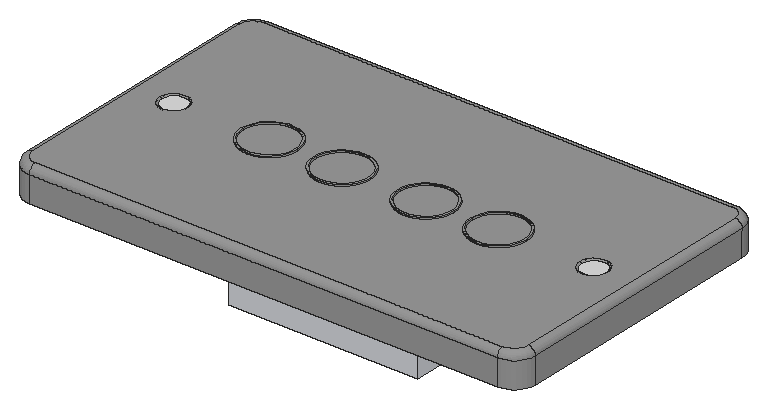
Revit family "ElectricalFixture_WiringAccessories_Hager_Sollyster_SwitchDimmers", category Lighting Fixtures, host Face, Revit 2015
Parameters (values of type "WMDS4")
  Warranty ID = ""
  Voltage (Volts) = "230V/240V"
  Unique Reference = "WMDS4"
  Type = "ElectricalFixture"
  Technical Description = Description  # "4GangDimmer250W"
  Switch = no
  Supply Phase = "1"
  Size = ""
  Shipping Weight kg = "0.188"
  Shape = "Rectangular"
  Reference Standard = "BS 1363-2"
  Product URL = "http://www.hager.co.uk/product-catalogue/wiring-accessories/sollysta/white-moulded/white-moulded-sockets/58428.htm"
  Product Range = "Sollysta"
  Product Model Number = "WMDS4"
  Product Literature = "http://www.hager.co.uk/product-catalogue/wiring-accessories/sollysta/38662.htm"
  Product Group = "WiringAccessories"
  Product Family = "WhiteMouldedDimmers_SwitchDimmers"
  Packaging Recyclable = yes
  Overall Width = 0.0 mm
  Overall Length = 146.0 mm
  Overall Height = 86.0 mm
  Overall Depth = 26.07 mm
  Operation and Maintenance Manual = ""
  Name = "WhiteMouldedDimmers_WMDS4"
  Measurement Units = "mm"
  Material = Urea Formaldehyde Thermoset Plastic
  Manufacturer Website = "http://www.hager.co.uk/"
  Manufacturer Country = "United Kingdom"
  Manufacturer = "Hager"
  LED Indicator Switch = no
  Gross Weight kg = "0.165"
  Frequency = "50/60Hz"
  Finish = "Gloss"
  Features = Description  # "4GangDimmer250W"
  Extrusion From Wall = 11.921 mm
  Expected Life = "25 years"
  EAN Code = "5015654792985"
  Design Country = "China"
  Description = "4GangDimmer250W"
  Default Elevation = 1219.2 mm
  Colour = "SollystaWhite"
  CE Approval = yes
  4 Gang = yes
  3 Gang = no
  2 Gang = yes
  1 Gang = no
Types (4, lengths in mm): name | Unique Reference | Technical Description | Product Model Number | Overall Length | Name | Features | EAN Code | Description | 4 Gang | 3 Gang | 2 Gang | 1 Gang
  WMDS1 | "WMDS1" | "1GangDimmer400W" | "WMDS1" | 86.0 | "WhiteMouldedDimmers_WMDS1" | "1GangDimmer400W" | "5015654792961" | "1GangDimmer400W" | no | no | no | yes
  WMDS2 | "WMDS2" | "2GangDimmer250W" | "WMDS2" | 86.0 | "WhiteMouldedDimmers_WMDS2" | "2GangDimmer250W" | "5015654792954" | "2GangDimmer250W" | no | no | yes | no
  WMDS3 | "WMDS3" | "3GangDimmer250W" | "WMDS3" | 146.0 | "WhiteMouldedDimmers_WMDS3" | "3GangDimmer250W" | "5015654792978" | "3GangDimmer250W" | no | yes | no | yes
  WMDS4 | "WMDS4" | "4GangDimmer250W" | "WMDS4" | 146.0 | "WhiteMouldedDimmers_WMDS4" | "4GangDimmer250W" | "5015654792985" | "4GangDimmer250W" | yes | no | yes | no
Reference planes
  plane 1 "Center (Front/Back)": y = 0
  plane 2: z = 0
  plane 3 "Center (Left/Right)": x = 434
  plane 4: y = -43
  plane 5: y = 43
  plane 6: x = -137
  plane 7: x = 9
  plane 8: z = 9.47
  plane 9: z = -16.6
  plane 10: z = 11.921
  plane 11: y = -471.393
  plane 12: z = -20.53
  plane 13: x = -124.15
  plane 14: x = -3.85
  plane 15: x = -64
  plane 16: x = -100.5
  plane 17: x = -27.5
Forms (mm)
  Extrusion 1, solid, material "Urea Formaldehyde Thermoset Plastic", detail levels fine
    sketch origin (0, 0, 0) x (1, 0, 0) y (0, 1, 0)
      loop
        arc (-137, -37.005) -> (-135.244, -41.244) -> (-131.005, -43) r 5.995
        line (-131.005, -43) -> (2.983, -43)
        arc (2.983, -43) -> (7.238, -41.238) -> (9, -36.983) r 6.017
        line (9, -36.983) -> (9, 37.035)
        arc (9, 37.035) -> (7.253, 41.253) -> (3.035, 43) r 5.965
        line (3.035, 43) -> (-131.018, 43)
        arc (-131.018, 43) -> (-135.248, 41.248) -> (-137, 37.018) r 5.982
        line (-137, 37.018) -> (-137, -37.005)
      loop
        circle (-124.15, 0) r 3.228
      loop
        circle (-3.85, 0) r 3.228
    from 0 to 9.47
  Sweep 2, void
    path origin (0, 0, 0) x (1, 0, 0) y (0, 1, 0)
      loop
        line (-137, 37.018) -> (-137, -37.005)
        arc (-137, -37.005) -> (-135.244, -41.244) -> (-131.005, -43) r 5.995
        line (-131.005, -43) -> (2.983, -43)
        arc (2.983, -43) -> (7.238, -41.238) -> (9, -36.983) r 6.017
        line (9, -36.983) -> (9, 37.035)
        arc (9, 37.035) -> (7.253, 41.253) -> (3.035, 43) r 5.965
        line (3.035, 43) -> (-131.018, 43)
        arc (-131.018, 43) -> (-135.248, 41.248) -> (-137, 37.018) r 5.982
    profile origin (-137, 0.007, 0) x (1, 0, 0) y (0, 0, 1)
      loop
        line (0, 9.47) -> (0, 7.462)
        arc (0, 7.462) -> (0.588, 8.882) -> (2.008, 9.47) r 2.008
        line (2.008, 9.47) -> (0, 9.47)
  Sweep 3, void
    path origin (0, 0, 0) x (1, 0, 0) y (0, 1, 0)
      loop
        circle (-3.85, 0) r 3.228
    profile origin (-3.85, 3.228, 0) x (0, -1, 0) y (0, 0, 1)
      loop
        line (0, 9.47) -> (-0.814, 9.47)
        arc (-0.814, 9.47) -> (-0.347, 9.123) -> (0, 8.656) r 2
        line (0, 8.656) -> (0, 9.47)
  Sweep 4, void
    path origin (0, 0, 0) x (1, 0, 0) y (0, 1, 0)
      loop
        circle (-124.15, 0) r 3.228
    profile origin (-124.15, 3.228, 0) x (0, 1, 0) y (0, 0, 1)
      loop
        line (0, 9.47) -> (0, 8.656)
        arc (0, 8.656) -> (0.346, 9.124) -> (0.814, 9.47) r 1.964
        line (0.814, 9.47) -> (0, 9.47)
  Extrusion 5, solid, material "Steel, Chrome Plated", detail levels fine
    sketch origin (0, 0, 0) x (1, 0, 0) y (0, 1, 0)
      loop
        circle (-124.15, 0) r 3.542
    from -1.167 to 9.196
  Extrusion 6, solid, material "Steel, Chrome Plated", detail levels fine
    sketch origin (0, 0, 0) x (-1, 0, 0) y (0, -1, 0)
      loop
        circle (3.85, 0) r 3.542
    from -1.167 to 9.196
  Extrusion 7, solid, material "Urea Formaldehyde Thermoset Plastic", detail levels medium
    sketch origin (0, 0, 0) x (1, 0, 0) y (0, 1, 0)
      loop
        line (-137, 43) -> (-137, -43) -> (9, -43) -> (9, 43) -> (-137, 43)
    from 0 to 9.47
  Extrusion 8, solid, material "Urea Formaldehyde Thermoset Plastic", detail levels medium
    sketch origin (0, 0, 0) x (1, 0, 0) y (0, 1, 0)
      loop
        line (-137, -43) -> (9, -43) -> (9, 43) -> (-137, 43) -> (-137, -43)
    from 0 to 9.47
  Extrusion 9, solid, material "Urea Formaldehyde Thermoset Plastic", visible <- "1 Gang", detail levels fine
    sketch origin (0, 0, 0) x (1, 0, 0) y (0, 1, 0)
      loop
        circle (-64, 0) r 8
      loop
        circle (-64, 0) r 7.5
    from 8.656 to 9.7
  Extrusion 10, solid, material "Urea Formaldehyde Thermoset Plastic", visible <- "2 Gang", detail levels fine
    sketch origin (-12, 0, 0) x (1, 0, 0) y (0, 1, 0)
      loop
        circle (-64, 0) r 8
      loop
        circle (-64, 0) r 7.5
    from 8.656 to 9.7
  Extrusion 11, solid, material "Urea Formaldehyde Thermoset Plastic", visible <- "2 Gang", detail levels fine
    sketch origin (12, 0, 0) x (1, 0, 0) y (0, 1, 0)
      loop
        circle (-64, 0) r 8
      loop
        circle (-64, 0) r 7.5
    from 8.656 to 9.7
  Extrusion 12, solid, material "Urea Formaldehyde Thermoset Plastic", visible <- "3 Gang", detail levels fine
    sketch origin (-36.034, 0, 0) x (1, 0, 0) y (0, 1, 0)
      loop
        circle (-64.466, 0) r 8
      loop
        circle (-64.466, 0) r 7.5
    from 8.656 to 9.7
  Extrusion 13, solid, material "Urea Formaldehyde Thermoset Plastic", visible <- "3 Gang", detail levels fine
    sketch origin (39.65, 0, 0) x (1, 0, 0) y (0, 1, 0)
      loop
        circle (-67.15, 0) r 8
      loop
        circle (-67.15, 0) r 7.5
    from 8.656 to 9.7
  Extrusion 14, solid, material "Urea Formaldehyde Thermoset Plastic", visible <- "4 Gang", detail levels fine
    sketch origin (36, 0, 0) x (1, 0, 0) y (0, 1, 0)
      loop
        circle (-67.15, 0) r 8
      loop
        circle (-67.15, 0) r 7.5
    from 8.656 to 9.7
  Extrusion 15, solid, material "Urea Formaldehyde Thermoset Plastic", visible <- "4 Gang", detail levels fine
    sketch origin (-160.384, 0, 0) x (-1, 0, 0) y (0, -1, 0)
      loop
        circle (-63.534, 0) r 8
      loop
        circle (-63.534, 0) r 7.5
    from 8.656 to 9.7
  Extrusion 16, solid
    sketch origin (0, 0, 0) x (1, 0, 0) y (0, 1, 0)
      loop
        line (-90.115, 22.025) -> (-90.115, -22.975) -> (-36, -22.975) -> (-36, 22.025) -> (-90.115, 22.025)
    from -20.53 to 0
Cuts and joins
  Sweep 2, Sweep 3, Sweep 4 cuts Extrusion 1
Lines and regions (mm)
  symbolic lines, not visible, detail levels coarse
    curve 1: line (73.42, -504.912, 19.451) -> (3.42, -504.912, 19.451)
    curve 2: arc (73.42, -504.912, 19.451) -> (38.42, -504.912, 54.451) -> (3.42, -504.912, 19.451) r 35
    curve 3: circle (38.42, -504.912, 54.451) r 6 normal (0, 1, 0)
    curve 4: line (38.42, -504.912, 54.451) -> (38.42, -504.912, 99.451)
    curve 5: line (38.42, -504.912, 99.451) -> (68.42, -504.912, 99.451)
    curve 6: line (38.42, -504.912, 54.451) -> (10.78, -504.912, 87.391)
    curve 7: line (10.78, -504.912, 87.391) -> (-3.315, -504.912, 75.564)
    curve 8: line (0.509, -504.912, 19.451) -> (-69.491, -504.912, 19.451)
    curve 9: arc (0.509, -504.912, 19.451) -> (-34.491, -504.912, 54.451) -> (-69.491, -504.912, 19.451) r 35
    curve 10: circle (-34.491, -504.912, 54.451) r 6 normal (0, 1, 0)
    curve 11: line (-34.491, -504.912, 54.451) -> (-34.491, -504.912, 99.451)
    curve 12: line (-34.491, -504.912, 99.451) -> (-4.491, -504.912, 99.451)
    curve 13: line (-34.491, -504.912, 54.451) -> (-62.13, -504.912, 87.391)
    curve 14: line (-62.13, -504.912, 87.391) -> (-76.226, -504.912, 75.564)
  model lines, detail levels coarse
    curve 15: line (-137, 43, 0) -> (9, 43, 0)
    curve 16: line (-137, -43, 0) -> (-137, 43, 0)
    curve 17: line (9, -43, 0) -> (-137, -43, 0)
    curve 18: line (9, 43, 0) -> (9, -43, 0)
    curve 19: arc (-120.108, 0, 0) -> (-124.15, -4.042, 0) -> (-128.192, 0, 0) r 4.042
    curve 20: arc (-128.192, 0, 0) -> (-124.15, 4.042, 0) -> (-120.108, 0, 0) r 4.042
    curve 21: arc (0.192, 0, 0) -> (-3.85, -4.042, 0) -> (-7.892, 0, 0) r 4.042
    curve 22: arc (-7.892, 0, 0) -> (-3.85, 4.042, 0) -> (0.192, 0, 0) r 4.042
  model lines, visible <- "3 Gang"
    curve 23: arc (-92.5, 0, 0) -> (-100.5, 8, 0) -> (-108.5, 0, 0) r 8
    curve 24: arc (-108, 0, 0) -> (-100.5, 7.5, 0) -> (-93, 0, 0) r 7.5
    curve 25: arc (-108.5, 0, 0) -> (-100.5, -8, 0) -> (-92.5, 0, 0) r 8
    curve 26: arc (-93, 0, 0) -> (-100.5, -7.5, 0) -> (-108, 0, 0) r 7.5
    curve 47: arc (-35.5, 0, 0) -> (-27.5, -8, 0) -> (-19.5, 0, 0) r 8
    curve 48: arc (-20, 0, 0) -> (-27.5, -7.5, 0) -> (-35, 0, 0) r 7.5
    curve 49: arc (-35, 0, 0) -> (-27.5, 7.5, 0) -> (-20, 0, 0) r 7.5
    curve 50: arc (-19.5, 0, 0) -> (-27.5, 8, 0) -> (-35.5, 0, 0) r 8
  model lines, visible <- "4 Gang"
    curve 27: arc (-104.85, 0, 0) -> (-96.85, -8, 0) -> (-88.85, 0, 0) r 8
    curve 28: arc (-89.35, 0, 0) -> (-96.85, -7.5, 0) -> (-104.35, 0, 0) r 7.5
    curve 29: arc (-104.35, 0, 0) -> (-96.85, 7.5, 0) -> (-89.35, 0, 0) r 7.5
    curve 30: arc (-88.85, 0, 0) -> (-96.85, 8, 0) -> (-104.85, 0, 0) r 8
    curve 43: arc (-38.65, 0, 0) -> (-31.15, 7.5, 0) -> (-23.65, 0, 0) r 7.5
    curve 44: arc (-23.15, 0, 0) -> (-31.15, 8, 0) -> (-39.15, 0, 0) r 8
    curve 45: arc (-39.15, 0, 0) -> (-31.15, -8, 0) -> (-23.15, 0, 0) r 8
    curve 46: arc (-23.65, 0, 0) -> (-31.15, -7.5, 0) -> (-38.65, 0, 0) r 7.5
  model lines, visible <- "2 Gang"
    curve 31: arc (-83.5, 0, 0) -> (-76, 7.5, 0) -> (-68.5, 0, 0) r 7.5
    curve 32: arc (-68, 0, 0) -> (-76, 8, 0) -> (-84, 0, 0) r 8
    curve 33: arc (-84, 0, 0) -> (-76, -8, 0) -> (-68, 0, 0) r 8
    curve 34: arc (-68.5, 0, 0) -> (-76, -7.5, 0) -> (-83.5, 0, 0) r 7.5
    curve 39: arc (-60, 0, 0) -> (-52, -8, 0) -> (-44, 0, 0) r 8
    curve 40: arc (-44.5, 0, 0) -> (-52, -7.5, 0) -> (-59.5, 0, 0) r 7.5
    curve 41: arc (-59.5, 0, 0) -> (-52, 7.5, 0) -> (-44.5, 0, 0) r 7.5
    curve 42: arc (-44, 0, 0) -> (-52, 8, 0) -> (-60, 0, 0) r 8
  model lines, visible <- "1 Gang"
    curve 35: arc (-72, 0, 0) -> (-64, -8, 0) -> (-56, 0, 0) r 8
    curve 36: arc (-56.5, 0, 0) -> (-64, -7.5, 0) -> (-71.5, 0, 0) r 7.5
    curve 37: arc (-71.5, 0, 0) -> (-64, 7.5, 0) -> (-56.5, 0, 0) r 7.5
    curve 38: arc (-56, 0, 0) -> (-64, 8, 0) -> (-72, 0, 0) r 8
  symbolic lines
    curve 51: circle (-73.006, -504.912, 51.879) r 16.513 normal (0, -1, 0)
    curve 52: line (-124.15, -504.912, 11.921) -> (-29.589, -504.912, 85.8)
    curve 53: line (-3.85, -504.912, 105.909) -> (-36.908, -504.912, 95.168)
    curve 54: line (-3.85, -504.912, 105.909) -> (-22.27, -504.912, 76.432)
    curve 55: line (-22.27, -504.912, 76.432) -> (-36.908, -504.912, 95.168)
Dimensions and locks
  plane 10 to plane 9 = 28.521 mm
  plane 8 to plane 9 = 26.07 mm
  plane 2 to plane 9 = 16.6 mm
  "Overall Length": plane 6 to plane 7
  "Overall Height": plane 4 to plane 5
  "Overall Depth": plane 9 to plane 8
  plane 2 to plane 10 = 11.921 mm
  plane 8 to plane 12 = 30.0 mm
  locked: plane 6 to plane 13 at 12.85
  locked: plane 14 to plane 7 at 12.85
  equal spacing: plane 6, plane 16, plane 15, plane 17, plane 7
  aligned and locked: plane 2 to host face
  aligned and locked: level to host face
  aligned and locked: Extrusion 1 to plane 8
  aligned and locked: Extrusion 7 to plane 8
  aligned and locked: Extrusion 8 to plane 8
  aligned and locked: Extrusion 8 to level
  aligned and locked: curve 23 to Extrusion 12
  aligned and locked: curve 24 to Extrusion 12
  aligned and locked: curve 25 to Extrusion 12
  aligned and locked: curve 26 to Extrusion 12
  aligned and locked: curve 27 to Extrusion 15
  aligned and locked: curve 28 to Extrusion 15
  aligned and locked: curve 29 to Extrusion 15
  aligned and locked: curve 30 to Extrusion 15
  aligned and locked: curve 31 to Extrusion 10
  aligned and locked: curve 32 to Extrusion 10
  aligned and locked: curve 33 to Extrusion 10
  aligned and locked: curve 34 to Extrusion 10
  aligned and locked: curve 35 to Extrusion 9
  aligned and locked: curve 36 to Extrusion 9
  aligned and locked: curve 37 to Extrusion 9
  aligned and locked: curve 38 to Extrusion 9
  aligned and locked: curve 39 to Extrusion 11
  aligned and locked: curve 40 to Extrusion 11
  aligned and locked: curve 41 to Extrusion 11
  aligned and locked: curve 42 to Extrusion 11
  aligned and locked: curve 43 to Extrusion 14
  aligned and locked: curve 44 to Extrusion 14
  aligned and locked: curve 45 to Extrusion 14
  aligned and locked: curve 46 to Extrusion 14
  aligned and locked: curve 47 to Extrusion 13
  aligned and locked: curve 48 to Extrusion 13
  aligned and locked: curve 49 to Extrusion 13
  aligned and locked: curve 50 to Extrusion 13
  aligned and locked: plane 12 to Extrusion 16
  aligned and locked: level to Extrusion 16
Automatic sketch dimensions
  host sketch curve to host sketch curve = 2438.4 mm  (x2)
  Extrusion 1 sketch curve to plane 6 = 0.0 mm
  plane 5 to Extrusion 1 sketch curve = 0.0 mm
  plane 4 to Extrusion 1 sketch curve = 0.0 mm
  plane 1 "Center (Front/Back)" to Extrusion 1 sketch curve = 0.0 mm  (x2)
  Extrusion 1 sketch curve to plane 13 = 0.0 mm
  Extrusion 1 sketch curve to plane 14 = 0.0 mm
  plane 6 to Extrusion 1 sketch curve = 5.982 mm
  Extrusion 1 sketch curve to plane 4 = 5.995 mm
  Extrusion 1 sketch curve to plane 7 = 6.017 mm
  Extrusion 1 sketch curve to plane 7 = 5.965 mm
  plane 7 to Extrusion 1 sketch curve = 0.0 mm
  Sweep 2 sketch curve to plane 6 = 0.0 mm
  plane 5 to Sweep 2 sketch curve = 0.0 mm
  plane 4 to Sweep 2 sketch curve = 0.0 mm
  Sweep 2 sketch curve to Sweep 2 sketch curve = 5.982 mm
  plane 6 to Sweep 2 sketch curve = 5.995 mm
  Sweep 2 sketch curve to plane 7 = 6.017 mm
  Sweep 2 sketch curve to plane 7 = 5.965 mm
  plane 7 to Sweep 2 sketch curve = 0.0 mm
  plane 1 "Center (Front/Back)" to Sweep 3 sketch curve = 0.0 mm
  Sweep 3 sketch curve to plane 14 = 0.0 mm
  Sweep 4 sketch curve to Sweep 4 sketch curve = 0.0 mm  (x2)
  plane 1 "Center (Front/Back)" to Sweep 4 sketch curve = 0.0 mm
  Sweep 4 sketch curve to plane 13 = 0.0 mm
  Sweep 4 sketch curve to plane 13 = 3.228 mm
  Extrusion 5 sketch curve to Extrusion 5 sketch curve = 0.0 mm  (x2)
  plane 1 "Center (Front/Back)" to Extrusion 5 sketch curve = 0.0 mm
  Extrusion 5 sketch curve to plane 13 = 0.0 mm
  Extrusion 5 sketch curve to plane 13 = 3.542 mm
  Extrusion 6 sketch curve to Extrusion 6 sketch curve = 0.0 mm  (x2)
  plane 1 "Center (Front/Back)" to Extrusion 6 sketch curve = 0.0 mm
  plane 14 to Extrusion 6 sketch curve = 0.0 mm
  Extrusion 6 sketch curve to plane 14 = 3.542 mm
  plane 4 to Extrusion 7 sketch curve = 0.0 mm
  Extrusion 7 sketch curve to plane 6 = 0.0 mm
  Extrusion 7 sketch curve to plane 7 = 0.0 mm
  plane 5 to Extrusion 7 sketch curve = 0.0 mm
  plane 5 to Extrusion 8 sketch curve = 0.0 mm
  Extrusion 8 sketch curve to plane 6 = 0.0 mm
  Extrusion 8 sketch curve to plane 7 = 0.0 mm
  plane 4 to Extrusion 8 sketch curve = 0.0 mm
  curve 19 to curve 20 = 0.0 mm  (x2)
  curve 21 to curve 22 = 0.0 mm  (x2)
  plane 4 to curve 17 = 0.0 mm
  curve 17 to plane 6 = 0.0 mm
  plane 1 "Center (Front/Back)" to curve 19 = 0.0 mm
  curve 20 to plane 13 = 0.0 mm
  plane 1 "Center (Front/Back)" to curve 21 = 0.0 mm
  curve 22 to plane 14 = 0.0 mm
  curve 17 to plane 7 = 0.0 mm
  plane 5 to curve 16 = 0.0 mm
  curve 19 to curve 19 = 4.042 mm
  curve 21 to curve 21 = 4.042 mm
  Extrusion 9 sketch curve to Extrusion 9 sketch curve = 0.0 mm  (x2)
  plane 1 "Center (Front/Back)" to Extrusion 9 sketch curve = 0.0 mm
  Extrusion 9 sketch curve to plane 15 = 0.0 mm
  Extrusion 10 sketch curve to Extrusion 10 sketch curve = 0.0 mm  (x2)
  plane 1 "Center (Front/Back)" to Extrusion 10 sketch curve = 0.0 mm
  Extrusion 10 sketch curve to plane 15 = 12.0 mm
  Extrusion 11 sketch curve to Extrusion 11 sketch curve = 0.0 mm  (x2)
  plane 1 "Center (Front/Back)" to Extrusion 11 sketch curve = 0.0 mm
  plane 15 to Extrusion 11 sketch curve = 12.0 mm
  Extrusion 12 sketch curve to Extrusion 12 sketch curve = 0.0 mm  (x2)
  plane 1 "Center (Front/Back)" to Extrusion 12 sketch curve = 0.0 mm
  Extrusion 12 sketch curve to plane 16 = 0.0 mm
  Extrusion 13 sketch curve to Extrusion 13 sketch curve = 0.0 mm  (x2)
  plane 1 "Center (Front/Back)" to Extrusion 13 sketch curve = 0.0 mm
  Extrusion 13 sketch curve to plane 17 = 0.0 mm
  Extrusion 14 sketch curve to Extrusion 14 sketch curve = 0.0 mm  (x2)
  plane 1 "Center (Front/Back)" to Extrusion 14 sketch curve = 0.0 mm
  Extrusion 14 sketch curve to plane 17 = 3.65 mm
  Extrusion 15 sketch curve to Extrusion 15 sketch curve = 0.0 mm  (x2)
  plane 1 "Center (Front/Back)" to Extrusion 15 sketch curve = 0.0 mm
  Extrusion 15 sketch curve to plane 16 = 3.65 mm
  Extrusion 16 sketch curve to plane 17 = 8.5 mm
  plane 16 to Extrusion 16 sketch curve = 10.385 mm
  plane 5 to Extrusion 16 sketch curve = 20.975 mm
  Extrusion 16 sketch curve to plane 4 = 20.025 mm
  profile plane to Sweep 2 sketch curve = 0.0 mm
  Sweep 2 sketch curve to Sweep 2 sketch curve = 2.008 mm
  level to Sweep 2 sketch curve = 7.462 mm
  Sweep 3 sketch curve to profile plane = 0.0 mm
  Sweep 3 sketch curve to Sweep 3 sketch curve = 0.814 mm
  profile plane to Sweep 3 sketch curve = 1.761 mm
  level to Sweep 3 sketch curve = 7.709 mm
  Sweep 3 sketch curve to Sweep 3 sketch curve = 0.947 mm
  Sweep 4 sketch curve to profile plane = 0.0 mm
  Sweep 4 sketch curve to profile plane = 0.814 mm
  Sweep 4 sketch curve to profile plane = 1.735 mm
  level to Sweep 4 sketch curve = 7.735 mm
  Sweep 4 sketch curve to Sweep 4 sketch curve = 0.921 mm
  curve 54 to plane 14 = 0.0 mm
  curve 51 to plane 15 = 9.006 mm
  curve 53 to plane 17 = 9.408 mm
  plane 17 to curve 55 = 5.23 mm
  curve 51 to curve 54 = 24.553 mm
  curve 53 to curve 54 = 10.741 mm
  curve 52 to curve 53 = 9.368 mm
  curve 52 to plane 10 = 0.0 mm
  curve 52 to plane 13 = 0.0 mm
  curve 52 to plane 17 = 2.089 mm
  radius of Extrusion 1 sketch curve = 3.228 mm  (x2)
  radius of Sweep 3 sketch curve = 3.228 mm
  radius of Extrusion 9 sketch curve = 8.0 mm
  radius of Extrusion 9 sketch curve = 7.5 mm
  radius of Extrusion 10 sketch curve = 8.0 mm
  radius of Extrusion 10 sketch curve = 7.5 mm
  radius of Extrusion 11 sketch curve = 8.0 mm
  radius of Extrusion 11 sketch curve = 7.5 mm
  radius of Extrusion 12 sketch curve = 8.0 mm
  radius of Extrusion 12 sketch curve = 7.5 mm
  radius of Extrusion 13 sketch curve = 8.0 mm
  radius of Extrusion 13 sketch curve = 7.5 mm
  radius of Extrusion 14 sketch curve = 8.0 mm
  radius of Extrusion 14 sketch curve = 7.5 mm
  radius of Extrusion 15 sketch curve = 8.0 mm
  radius of Extrusion 15 sketch curve = 7.5 mm
  radius of curve 51 = 16.513 mm
Connectors
  electrical at (-64.001, 0.008, 0)
    settings: on cut or joined group of Extrusion 1, Sweep 2, Sweep 3, Sweep 4, index 1, voltage 230 V, apparent load 0 VA, apparent load phase1 0 VA, apparent load phase2 0 VA, apparent load phase3 0 VA, power factor 1, load classification "Other", number of poles 1, system type 31, power factor state 1, is connector primary yes, connector utility no, sub classification motor no, connector description ""
